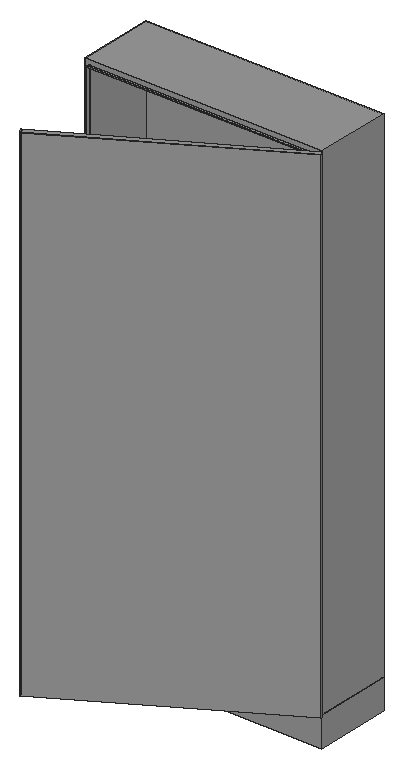
Revit family "Hager-Univers-IP55-D275-H1800-Cl.II-Steel_encl-NoHosted-CH-en", category Equipement électrique, Revit 2020
Family settings
  Configuration du panneau = Deux colonnes, circuits au sein
  Cote de connecteur circulaire = Utiliser le diamètre
  Type d'élément = Tableau de raccordement
  Basée sur le plan de construction = Oui
  Toujours verticalement = Oui
  Couper avec des vides une fois chargée = Non
  Partagée = Non
  Point de calcul de pièce = Non
Parameters (values of type "Floor installation IP55 W800 H1800 D275  - FR13S1")
  Width Control [instance] = if([EF000008 - Width] > Min Width, [EF000008 - Width], Min Width)  # 800 mm
  Commentaires du type = [HG000003 - Range]  # "Univers"
  Thickness Door [instance] = if([EF009171 - Material plate thickness door/cover] > 3 mm, 3 mm, [EF009171 - Material plate thickness door/cover])  # 1.5 mm
  Seal Frame Offset [instance] = 17 mm  # constant formula
  Plinth Visibility [instance] = [HG000027 - Plinth height] > 0 mm  # yes
  Min Width [instance] = 100 mm  # constant formula
  Min Depth [instance] = (2 * [EF009170 - Material plate thickness cabinet]) + 1 mm  # 4 mm
  Min Height [instance] = 100 mm  # constant formula
  Internal Frame Depth [instance] = (Door System Depth * 0.5)  # 9 mm
  Panel Name [instance] = ""  # (empty or 0)
  Model = ""
  HG000027 - Plinth height = 100 mm
  HG000026 - Floor standing = yes
  HG000024 - Bottom section height = 600 mm
  HG000023 - Double section enclosure = no
  HG000016 - Door 3d visibility [instance] = yes
  HG000015 - Clearance visibility [instance] = no
  HG000014 - Door on the right [instance] = yes
  HG000013 - Door on the left [instance] = not([HG000014 - Door on the right])  # no
  HG000012 - Door swing angle [instance] = 30.00°
  HG000010 - Asymmetric doors = no
  HG000009 - Double swing door = no
  HG000006 - Flush mounted = no
  HG000004 - Manufacturer reference = "FR13S1"
  HG000003 - Range = "Univers"
  HG000002 - With door or cover = yes
  Frame Offset Bottom [instance] = 10 mm  # constant formula
  Frame Offset [instance] = 15 mm  # constant formula
  EF015940 - Cover with overpressure release = no
  EF011959 - Degree of protection (NEMA) = ""
  EF009554 - Number of openings for flange plates = 6
  EF009212 - Cover model = "EV000116 - Closed"
  EF009171 - Material plate thickness door/cover = 1.5 mm
  EF009170 - Material plate thickness cabinet = 1.5 mm
  EF008873 - Nominal current (In) = 800 A
  EF007800 - Suitable for lightning protection = no
  EF006306 - With lock = no
  EF006244 - Transparent cover/door = no
  EF005474 - Degree of protection (IP) = "EV006420 - IP55"
  EF004464 - Type of door = "EV002646 - Single"
  EF004427 - Number of modules = 396
  EF004293 - Impact strength = "EV008784 - IK10"
  EF003532 - Suitable for outdoor use = no
  EF002950 - Width in number of modular spacings = 24
  EF001613 - Circuit integrity = "EV000494 - None"
  EF001596 - Material housing = "EV000179 - Steel"
  EF001131 - Internal depth = 275 mm
  EF001088 - Extension possible = yes
  EF000437 - Number of conduit inlets = 6
  EF000339 - Type of cover = "EV004216 - Door"
  EF000266 - Number of rows = 11
  EF000218 - Built-in depth = 0 mm
  EF000118 - With mounting plate = no
  EF000116 - RAL-number = "7035"
  EF000049 - Depth = 275 mm
  EF000040 - Height = 1800 mm
  EF000008 - Width = 800 mm
  EF000007 - Colour = "EV000270 - Grey"
  EF000003 - Mounting method = "EV012274 - Floor installation"
  Door System Leaf Tolerance [instance] = 1.5 mm  # constant formula
  Door System Depth [instance] = 18 mm  # constant formula
  Door Height [instance] = Height Control - [HG000027 - Plinth height]  # 1700 mm
  Description = ""
  Default Elevation = 1219.2 mm
  Connector Offset [instance] = Height Control / 2  # 900 mm
  Fabricant = "Hager"  # constant formula
  Height Control [instance] = if([EF000040 - Height] > Min Height, [EF000040 - Height], Min Height)  # 1800 mm
  Depth Control [instance] = if([EF000049 - Depth] > Min Depth, [EF000049 - Depth], Min Depth)  # 275 mm
  Bottom Top Plate Trim [instance] = 1.5 mm  # constant formula
  Plinth height Ctrl [instance] = if([HG000027 - Plinth height] > 0 mm, [HG000027 - Plinth height], 12 mm)  # 100 mm
Types (5, lengths in mm): name | Width Control | HG000010 - Asymmetric doors | HG000009 - Double swing door | HG000004 - Manufacturer reference | EF009554 - Number of openings for flange plates | EF004464 - Type of door | EF004427 - Number of modules | EF000437 - Number of conduit inlets | EF000008 - Width
  Floor installation IP55 W1050 H1800 D275  - FR14S1 | 1050 | yes | yes | "FR14S1" | 8 | "EV003602 - Double" | 528 | 8 | 1050
  Floor installation IP55 W1300 H1800 D275  - FR15S1 | 1300 | yes | yes | "FR15S1" | 10 | "EV003602 - Double" | 660 | 10 | 1300
  Floor installation IP55 W300 H1800 D275  - FR11S1 | 300 | no | no | "FR11S1" | 2 | "EV002646 - Single" | 132 | 2 | 300
  Floor installation IP55 W550 H1800 D275  - FR12S1 | 550 | no | no | "FR12S1" | 4 | "EV002646 - Single" | 264 | 4 | 550
  Floor installation IP55 W800 H1800 D275  - FR13S1 | 800 | no | no | "FR13S1" | 6 | "EV002646 - Single" | 396 | 6 | 800
Reference planes
  plane 1 "Center (Front/Back)": y = 0
  plane 2: z = 0
  plane 3 "Center (Left/Right)": x = 0
  plane 4: y = 0
  plane 5: y = 0
  plane 6: z = 0
  plane 7: x = -400
  plane 8: x = 400
  plane 9: x = 398.5
  plane 10: x = -398.5
  plane 11: z = 100
  plane 12: z = 101.5
  plane 13: y = -275
  plane 14: y = -1.5
  plane 15: x = 0
  plane 16: y = -257
  plane 17: y = -273.5
  plane 18: y = -255.5
  plane 19: x = -383.5
  plane 20: x = 383.5
  plane 21: z = 111.5
  plane 22: x = -383
  plane 23: x = 383
  plane 24: z = 100
  plane 25: z = 1800
  plane 26: z = 1800
  plane 27: z = 1783.5
  plane 28: z = 1798.5
Forms (mm)
  Extrusion 1, solid, material "Hager_Steel_RAL7035_Light_Grey", detail levels medium+fine
    sketch origin (-208.679, -4572, 100) x (-1, 0, 0) y (0, -1, 0)
      loop
        line (191.321, -4315) -> (-608.679, -4315) -> (-608.679, -4572) -> (191.321, -4572) -> (191.321, -4315)
    from 0 to 1700
  Extrusion 2, void
    sketch origin (-350.771, -275, 1219.2) x (1, 0, 0) y (0, 0, 1)
      loop
        line (-47.729, 579.3) -> (-47.729, -1117.7) -> (749.271, -1117.7) -> (749.271, 579.3) -> (-47.729, 579.3)
    from -19.5 to -273.5
  Extrusion 3, void
    sketch origin (-290.084, -257, 1219.2) x (1, 0, 0) y (0, 0, 1)
      loop
        line (-93.416, -1107.7) -> (673.584, -1107.7) -> (673.584, 564.3) -> (-93.416, 564.3) -> (-93.416, -1107.7)
    from 0 to -1.5
  Extrusion 4, solid, material "Hager_Steel_RAL7035_Light_Grey", visible <- "Plinth Visibility", detail levels medium+fine
    sketch origin (0, 0, 0) x (1, 0, 0) y (0, 1, 0)
      loop
        line (-400, 0) -> (-400, -257) -> (400, -257) -> (400, 0) -> (-400, 0)
    from 0 to 100 <- "Plinth height Ctrl"
  Extrusion 5, solid, material "Hager_Steel_RAL7035_Light_Grey", detail levels coarse
    sketch origin (0, 0, 0) x (1, 0, 0) y (0, 1, 0)
      loop
        line (-400, 0) -> (-400, -275) -> (400, -275) -> (400, 0) -> (-400, 0)
    from 0 to 1800 <- "Height Control"
  Sweep 6, void
    path in 3D
      loop
        line (-400, -257, 100) -> (400, -257, 100) -> (400, 0, 100) -> (-400, 0, 100) -> (-400, -257, 100)
    profile origin (-400, -128.5, 100) x (1, 0, 0) y (0, 0, 1)
      loop
        line (0, 0) -> (0, -1.5) -> (1.5, -1.5)
        arc (1.5, -1.5) -> (1.061, -0.439) -> (0, 0) r 1.5
  Extrusion 7, solid, material "Hager_Steel_RAL7035_Light_Grey", detail levels fine
    sketch origin (-400, -257, 100) x (1, 0, 0) y (0, 0, 1)
      loop
        line (16.5, 11.5) -> (783.5, 11.5) -> (783.5, 1683.5) -> (16.5, 1683.5) -> (16.5, 11.5)
      loop
        line (15, 10) -> (785, 10) -> (785, 1685) -> (15, 1685) -> (15, 10)
    from 0 to 9 <- "Internal Frame Depth"
Cuts and joins
  Extrusion 2, Extrusion 3 cuts Extrusion 1
  Sweep 6 cuts Extrusion 4
Lines and regions (mm)
  Masking region 1
    outline origin (0, 0, 0) x (1, 0, 0) y (0, 1, 0)
      loop
        line (-400, 0) -> (-400, -275) -> (400, -275) -> (400, 0) -> (-400, 0)
  Masking region 2, detail levels coarse
    outline origin (-290.084, -257, 1219.2) x (-1, 0, 0) y (0, 0, 1)
      loop
        line (-690.084, -1219.2) -> (109.916, -1219.2) -> (109.916, 580.8) -> (-690.084, 580.8) -> (-690.084, -1219.2)
  Masking region 3, detail levels coarse
    outline origin (0, 0, 0) x (0, 1, 0) y (0, 0, 1)
      loop
        line (0, 0) -> (0, 1800) -> (-275, 1800) -> (-275, 0) -> (0, 0)
  Masking region 4, visible <- "Plinth Visibility", detail levels medium+fine
    outline origin (0, 0, 0) x (0, 1, 0) y (0, 0, 1)
      loop
        line (-1.5, 100) -> (-255.5, 100)
        arc (-255.5, 100) -> (-255.939, 98.939) -> (-257, 98.5) r 1.5
        line (-257, 98.5) -> (-257, 0) -> (0, 0) -> (0, 98.5)
        arc (0, 98.5) -> (-1.061, 98.939) -> (-1.5, 100) r 1.5
  Masking region 5, detail levels medium+fine
    outline origin (0, 0, 594.038) x (0, 1, 0) y (0, 0, 1)
      loop
        line (0, -494.038) -> (0, 1205.962) -> (-257, 1205.962) -> (-257, -494.038) -> (0, -494.038)
  Masking region 6, detail levels medium+fine
    outline origin (-359.7, -257, 1211.883) x (-1, 0, 0) y (0, 0, 1)
      loop
        line (-759.7, -1111.883) -> (40.3, -1111.883) -> (40.3, 588.117) -> (-759.7, 588.117) -> (-759.7, -1111.883)
  Masking region 7, visible <- "Plinth Visibility", detail levels medium+fine
    outline origin (-320.334, -257, 1041.368) x (-1, 0, 0) y (0, 0, 1)
      loop
        line (-720.334, -1041.368) -> (79.666, -1041.368) -> (79.666, -942.868)
        arc (79.666, -942.868) -> (78.606, -942.429) -> (78.166, -941.368) r 1.5
        line (78.166, -941.368) -> (-718.834, -941.368)
        arc (-718.834, -941.368) -> (-719.273, -942.429) -> (-720.334, -942.868) r 1.5
        line (-720.334, -942.868) -> (-720.334, -1041.368)
  sketch lines
    curve 1: line (-400, 0, 100) -> (-400, -257, 100)
    curve 2: line (-400, -257, 100) -> (400, -257, 100)
    curve 3: line (400, 0, 100) -> (-400, 0, 100)
    curve 4: line (400, -257, 100) -> (400, 0, 100)
Dimensions and locks
  locked: plane 1 "Center (Front/Back)" to plane 5
  "EF009170 - Material plate thickness cabinet": plane 7 to plane 10
  "EF009170 - Material plate thickness cabinet": plane 8 to plane 9
  equal spacing: plane 7, plane 3 "Center (Left/Right)", plane 8
  "Width Control": plane 7 to plane 8
  "Depth Control": plane 4 to plane 13
  "EF009170 - Material plate thickness cabinet": plane 4 to plane 14
  "Height Control": plane 25 to level
  "HG000027 - Plinth height": plane 11 to level
  "EF009170 - Material plate thickness cabinet": plane 12 to plane 11
  "EF009170 - Material plate thickness cabinet": plane 17 to plane 13
  "EF009170 - Material plate thickness cabinet": plane 18 to plane 16
  "Frame Offset Bottom": plane 21 to plane 12
  "Frame Offset": plane 10 to plane 19
  "Frame Offset": plane 9 to plane 20
  "Door System Depth": plane 16 to plane 13
  "Seal Frame Offset": plane 7 to plane 22
  "Seal Frame Offset": plane 8 to plane 23
  "EF009170 - Material plate thickness cabinet": plane 26 to plane 28
  "Frame Offset": plane 28 to plane 27
  "Connector Offset": plane 2 to connector elem
  "Bottom Top Plate Trim": profile plane to Sweep 6 sketch curve
  "Bottom Top Plate Trim": Sweep 6 sketch curve to Sweep 6 sketch curve
  "Plinth height Ctrl": Masking region 4 sketch curve to level
  "Plinth height Ctrl": Masking region 7 sketch curve to level
  "Thickness Door": Extrusion 7 sketch curve to Extrusion 7 sketch curve  (x4)
  "Bottom Top Plate Trim": radius of Sweep 6 sketch curve
  "Bottom Top Plate Trim": radius of Masking region 4 sketch curve  (x2)
  "Bottom Top Plate Trim": radius of Masking region 7 sketch curve  (x2)
  aligned and locked: Extrusion 2 sketch curve to plane 12
  aligned and locked: Extrusion 2 sketch curve to plane 9
  aligned and locked: Extrusion 2 sketch curve to plane 10
  aligned and locked: Extrusion 2 to plane 14
  aligned and locked: Extrusion 1 sketch curve to plane 4
  aligned and locked: plane 8 to Extrusion 1 sketch curve
  aligned and locked: plane 7 to Extrusion 1 sketch curve
  aligned and locked: Extrusion 2 to plane 18
  aligned and locked: Extrusion 3 sketch curve to plane 19
  aligned and locked: plane 20 to Extrusion 3 sketch curve
  aligned and locked: Extrusion 3 to Extrusion 2
  aligned and locked: Extrusion 3 sketch curve to plane 21
  aligned and locked: plane 3 "Center (Left/Right)" to nested 1
  aligned and locked: Extrusion 1 sketch curve to plane 16
  aligned and locked: Extrusion 4 sketch curve to cut or joined group of Extrusion 1, Extrusion 2, Extrusion 3
  aligned and locked: Masking region 1 sketch curve to plane 7
  aligned and locked: Masking region 1 sketch curve to plane 5
  aligned and locked: Masking region 1 sketch curve to plane 8
  aligned and locked: Masking region 2 sketch curve to level
  aligned and locked: level to Masking region 3 sketch curve
  aligned and locked: plane 1 "Center (Front/Back)" to Masking region 3 sketch curve
  aligned and locked: plane 13 to Masking region 3 sketch curve
  aligned and locked: plane 5 to Masking region 4 sketch curve
  aligned and locked: Masking region 2 sketch curve to plane 8
  aligned and locked: Masking region 2 sketch curve to plane 7
  aligned and locked: plane 7 to nested 2
  aligned and locked: nested 2 to plane 5
  aligned and locked: plane 5 to Masking region 5 sketch curve
  aligned and locked: plane 26 to Masking region 5 sketch curve
  aligned and locked: Extrusion 5 sketch curve to plane 8
  aligned and locked: Extrusion 5 sketch curve to plane 7
  aligned and locked: Extrusion 5 sketch curve to plane 5
  aligned and locked: Extrusion 3 sketch curve to plane 27
  aligned and locked: Extrusion 2 sketch curve to plane 28
  aligned and locked: Masking region 2 to plane 25
  aligned and locked: Extrusion 4 to plane 16
  aligned and locked: profile plane to Sweep 6 sketch curve
  aligned and locked: Masking region 5 sketch curve to plane 24
  aligned and locked: level to Masking region 4 sketch curve
  aligned and locked: Masking region 1 to plane 13
  aligned and locked: nested 1 to plane 16
  aligned and locked: Masking region 3 to plane 25
  aligned and locked: plane 16 to Masking region 4 sketch curve
  aligned and locked: Masking region 5 sketch curve to plane 16
  aligned and locked: plane 24 to plane 11
  aligned and locked: plane 26 to plane 25
  aligned and locked: plane 26 to cut or joined group of Extrusion 1, Extrusion 2, Extrusion 3
  aligned and locked: nested 1 to plane 24
  aligned and locked: Extrusion 1 to Extrusion 3
  aligned and locked: Masking region 6 sketch curve to plane 8
  aligned and locked: Masking region 6 sketch curve to plane 24
  aligned and locked: Masking region 6 sketch curve to plane 7
  aligned and locked: Masking region 6 sketch curve to plane 26
  aligned and locked: Masking region 7 sketch curve to plane 7
  aligned and locked: level to Masking region 7 sketch curve
  aligned and locked: Masking region 7 sketch curve to plane 8
  aligned and locked: Extrusion 7 sketch curve to cut or joined group of Extrusion 1, Extrusion 2, Extrusion 3  (x4)
Automatic sketch dimensions
  plane 19 to Extrusion 3 sketch curve = 0 mm
  Extrusion 3 sketch curve to plane 20 = 0 mm
  Extrusion 3 sketch curve to plane 21 = 0 mm
  Extrusion 4 sketch curve to plane 7 = 0 mm
  Extrusion 4 sketch curve to plane 8 = 0 mm
  Extrusion 4 sketch curve to plane 16 = 0 mm
  Masking region 1 sketch curve to plane 13 = 0 mm
  Masking region 2 sketch curve to plane 25 = 0 mm
  Masking region 3 sketch curve to plane 25 = 0 mm
  Extrusion 5 sketch curve to plane 13 = 0 mm
  profile plane to Sweep 6 sketch curve = 0 mm
Nested families
  nested 1: "EC000058_Univers_Door" at (0, -257, 100), Double <- "HG000009 - Double swing door", Transparent <- "EF006244 - Transparent cover/door", Angle <- "HG000012 - Door swing angle", Door_Right <- "HG000014 - Door on the right", Assymetrical <- "HG000010 - Asymmetric doors", Door <- "HG000002 - With door or cover", Width_Ctrl <- "Width Control", 3d_Door <- "HG000016 - Door 3d visibility", Clearance <- "HG000015 - Clearance visibility", Door_Left <- "HG000013 - Door on the left", Width <- "Width Control", Door_Depth <- "Door System Depth", Leaf_Tolerance <- "Door System Leaf Tolerance", Height <- "Door Height", Lock_Visibility <- "EF006306 - With lock", Thickness <- "Thickness Door", type "EC000058_Univers_Door", detail levels medium+fine
    with min_wh 4 mm, Width_Ctrl 800 mm, Width 800 mm, Transparent no, Thickness 1.5 mm, Seal_Material Hager_Rubber, Lock_Visibility no, Lock_Material Hager_Plastic_RAL9005_Jet_Black, Leaf_Width 800 mm, Leaf_Tolerance_External_Sides 0 mm, Leaf_Tolerance 1.5 mm, Leaf_Offset 0 mm, Leaf_Height 1697 mm, Leaf_2_Width 800 mm, Leaf_2_Offset 400 mm, Leaf_1_Width 800 mm, Leaf_1_Offset 400 mm, Height_Ctrl 1700 mm, Height 1700 mm, Glass_Material Hager_Glass, Double_Clearance_Ctrl no, Double no, Door_Right_Ctrl yes, Door_Right yes, Door_Material Hager_Steel_RAL7035_Light_Grey, Door_Left_Ctrl no, Door_Left no, Door_Depth 18 mm, Door yes, Clearance_Material Hager_Clearance, Clearance_Depth 800 mm, Clearance_Ctrl no, Clearance no, Assymetrical no, Angle 30.00°, 3d_Door yes
  nested 2: "Hager_Enclosure_Symbol" at (-400, 0, 0), Height <- "Depth Control", Width <- "Width Control", type "Hager_Enclosure_Symbol"
    with Width_Ctrl 800 mm, Width 800 mm, Height_Ctrl 275 mm, Height 275 mm, A_Width_Int 18.047 mm, A_Width 216.562 mm, A_Height_Ctrl 240.625 mm, A_Height 240.625 mm
Connectors
  electrical at (0, 0, 900)
    settings: on plane 1 "Center (Front/Back)", index 1, voltage 0 V, apparent load 0 VA, apparent load phase1 0 VA, apparent load phase2 0 VA, apparent load phase3 0 VA, power factor 1, load classification "Other", number of poles 1, system type 30, power factor state 1, is connector primary yes, connector utility no, sub classification motor no, connector description ""
Definition of nested family "EC000058_Univers_Door"
  Parameters (values of type "EC000058_Univers_Door")
    min_wh [instance] = (2 * Thickness) + 1 mm  # 11 mm
    Width_Ctrl [instance] = 400 mm
    Width [instance] = 500 mm
    Transparent [instance] = yes
    Thickness [instance] = 5 mm
    Seal_Material [instance] = none
    Lock_Visibility [instance] = yes
    Lock_Material [instance] = none
    Leaf_Width [instance] = if((Width_Ctrl - 2 * Leaf_Tolerance_External_Sides) > 0 mm, (Width_Ctrl - 2 * Leaf_Tolerance_External_Sides), min_wh)  # 400 mm
    Leaf_Tolerance_External_Sides [instance] = 0 mm  # constant formula
    Leaf_Tolerance [instance] = 1.5 mm
    Leaf_Offset [instance] = 0 mm  # constant formula
    Leaf_Height [instance] = if((Height_Ctrl - 2 * Leaf_Tolerance) > 0 mm, (Height_Ctrl - 2 * Leaf_Tolerance), min_wh)  # 497 mm
    Leaf_2_Width [instance] = if(and(and(Double, Assymetrical), Door_Left), (Leaf_Width / 3) - (Leaf_Tolerance / 2), if(and(and(Double, Assymetrical), Door_Right), (Leaf_Width / 3) * 2 - (Leaf_Tolerance / 2), if(and(Double, not(Assymetrical)), (Leaf_Width / 2) - Leaf_Tolerance, Leaf_Width)))  # 400 mm
    Leaf_2_Offset [instance] = if(and(Double, Assymetrical), Leaf_2_Width / 2, if(and(Double, not(Assymetrical)), Leaf_Width / 4, Leaf_Width / 2))  # 200 mm
    Leaf_1_Width [instance] = if(and(and(Double, Assymetrical), Door_Right), (Leaf_Width / 3) - (Leaf_Tolerance / 2), if(and(and(Double, Assymetrical), Door_Left), (Width / 3) * 2 - (Leaf_Tolerance / 2), if(and(Double, not(Assymetrical)), (Leaf_Width / 2) - Leaf_Tolerance, Leaf_Width)))  # 400 mm
    Leaf_1_Offset [instance] = if(and(Double, Assymetrical), Leaf_1_Width / 2, if(and(Double, not(Assymetrical)), Leaf_Width / 4, Leaf_Width / 2))  # 200 mm
    Height_Ctrl [instance] = if(Height > min_wh, Height, min_wh)  # 500 mm
    Height [instance] = 500 mm
    Glass_Material [instance] = none
    Double_Clearance_Ctrl [instance] = and(Double, Clearance)  # no
    Double [instance] = no
    Door_Right_Ctrl [instance] = and(or(Door_Right, Double), Door)  # yes
    Door_Right [instance] = yes
    Door_Material [instance] = none
    Door_Left_Ctrl [instance] = and(or(Door_Left, Double), Door)  # no
    Door_Left [instance] = no
    Door_Depth [instance] = 30 mm
    Door [instance] = yes
    Default Elevation = 1219.2 mm
    Clearance_Material [instance] = none
    Clearance_Depth [instance] = if(Leaf_1_Width > Leaf_2_Width, Leaf_1_Width, Leaf_2_Width)  # 400 mm
    Clearance_Ctrl [instance] = and(not(Double), Clearance)  # yes
    Clearance [instance] = yes
    Assymetrical [instance] = yes
    Angle [instance] = 30.00°
    3d_Door [instance] = yes
  Reference planes
    plane 1 "Center (Front/Back)": y = 0
    plane 2 "Bottom": z = 0
    plane 3 "Center (Left/Right)": x = 0
    plane 4: z = 500
    plane 5: x = -200
    plane 6: x = 200
    plane 7: z = 500
    plane 8: x = -200
    plane 9: z = 0
    plane 10: x = 200
    plane 11: y = 0
    plane 12: z = 1.5
    plane 13: x = -600
    plane 14: y = -400
    plane 15: x = 600
    plane 16: x = 0
    plane 17: x = 0
    plane 18: x = -200
    plane 19: x = 200
    plane 20: z = 498.5
  Forms (mm)
    Extrusion 1, solid, material <- "Clearance_Material", visible <- "Double_Clearance_Ctrl"
      sketch origin (1200, 0, 0) x (1, 0, 0) y (0, 0, -1)
        loop
          line (-1800, -498.5) -> (-600, -498.5) -> (-600, 0) -> (-1800, 0) -> (-1800, -498.5)
      from 0 to -400
  Dimensions and locks
    equal spacing: plane 5, plane 3 "Center (Left/Right)", plane 6
    "Width_Ctrl": plane 5 to plane 6
    "Leaf_Offset": plane 5 to plane 8
    "Leaf_Offset": plane 6 to plane 10
    "Leaf_Offset": plane 9 to level
    "Leaf_Offset": plane 4 to plane 7
    "Height_Ctrl": plane 4 to level
    "Leaf_Tolerance": plane 12 to plane 9
    locked: plane 11 to plane 1 "Center (Front/Back)"
    "Leaf_1_Offset": plane 18 to plane 16
    "Leaf_2_Offset": plane 17 to plane 19
    "Leaf_1_Width": plane 13 to plane 8
    "Leaf_2_Width": plane 10 to plane 15
    "Clearance_Depth": plane 14 to plane 1 "Center (Front/Back)"
    "Leaf_Tolerance_External_Sides": plane 8 to plane 18
    "Leaf_Tolerance_External_Sides": plane 19 to plane 10
    "Leaf_Tolerance": plane 7 to plane 20
    aligned and locked: level to plane 2 "Bottom"
    aligned and locked: nested 1 to plane 16
    aligned and locked: nested 2 to plane 17
    aligned and locked: Extrusion 1 to plane 13
    aligned and locked: plane 15 to Extrusion 1
    aligned and locked: Extrusion 1 to plane 14
    aligned and locked: plane 12 to nested 1
    aligned and locked: nested 2 to plane 12
    aligned and locked: Extrusion 1 to plane 11
    aligned and locked: plane 20 to Extrusion 1
    aligned and locked: nested 2 to plane 11
    aligned and locked: nested 1 to plane 11
  Automatic sketch dimensions
    Extrusion 1 sketch curve to level = 0 mm
    plane 5 to Extrusion 1 sketch curve = 400 mm
    plane 6 to Extrusion 1 sketch curve = 400 mm
    Extrusion 1 sketch curve to plane 4 = 1.5 mm
  Nested families
    nested 1: "EC000058_Univers_Door_Leaf" at (0, 0, 1.5), Width <- "Leaf_1_Width", visible <- "Door_Left_Ctrl", Leaf_Height <- "Leaf_Height", Angle <- "Angle", 3d_Door <- "3d_Door", Transparent <- "Transparent", Clearance Material <- "Clearance_Material", Clearance <- "Clearance_Ctrl", Door_Material <- "Door_Material", Glass_Material <- "Glass_Material", Door_Depth <- "Door_Depth", Lock_Material <- "Lock_Material", Seal_Material <- "Seal_Material", Lock_Visibility <- "Lock_Visibility", Thickness <- "Thickness", type "EC000058_Univers_Door_Leaf"
      with Width 400 mm, Transparent_Glass_Offset 30 mm, Transparent_Ctrl yes, Transparent yes, Thickness 5 mm, Standard no, Seal_Material none, Seal_D2 8 mm, Seal_D1 1 mm, Offset_Internal_Frame 10 mm, Lock_Width 20 mm, Lock_Visibility_3d yes, Lock_Visibility yes, Lock_Thickness_3 3 mm, Lock_Thickness_2 1 mm, Lock_Thickness_1 3 mm, Lock_Radius_Offset_2 16 mm, Lock_Radius_Offset_1 15 mm, Lock_Radius_2 5 mm, Lock_Radius 6 mm, Lock_Offset 5 mm, Lock_Material none, Lock_Height 80 mm, Lock_Cover_Top_Offset_2d 17 mm, Lock_Cover_Height -65 mm, Leaf_Height 497 mm, Internal_Seal_Thickness 8 mm, Internal_Seal_Depth_2 4.5 mm, Internal_Frame_Depth 25 mm, Glass_Thickness -1 mm, Glass_Offset -2 mm, Glass_Material none, Door_Material none, Door_Depth 30 mm, Clearance Material none, Clearance yes, Angle_Ctrl 30.00°, Angle 30.00°, 3d_Door yes
    nested 2: "EC000058_Univers_Door_Leaf" at (0, 0, 1.5) x (-1, 0, 0) z (0, 0, 1), Width <- "Leaf_2_Width", visible <- "Door_Right_Ctrl", Leaf_Height <- "Leaf_Height", Angle <- "Angle", 3d_Door <- "3d_Door", Transparent <- "Transparent", Clearance Material <- "Clearance_Material", Clearance <- "Clearance_Ctrl", Door_Material <- "Door_Material", Glass_Material <- "Glass_Material", Door_Depth <- "Door_Depth", Lock_Material <- "Lock_Material", Seal_Material <- "Seal_Material", Lock_Visibility <- "Lock_Visibility", Thickness <- "Thickness", type "EC000058_Univers_Door_Leaf"
      with Width 400 mm, Transparent_Glass_Offset 30 mm, Transparent_Ctrl yes, Transparent yes, Thickness 5 mm, Standard no, Seal_Material none, Seal_D2 8 mm, Seal_D1 1 mm, Offset_Internal_Frame 10 mm, Lock_Width 20 mm, Lock_Visibility_3d yes, Lock_Visibility yes, Lock_Thickness_3 3 mm, Lock_Thickness_2 1 mm, Lock_Thickness_1 3 mm, Lock_Radius_Offset_2 16 mm, Lock_Radius_Offset_1 15 mm, Lock_Radius_2 5 mm, Lock_Radius 6 mm, Lock_Offset 5 mm, Lock_Material none, Lock_Height 80 mm, Lock_Cover_Top_Offset_2d 17 mm, Lock_Cover_Height -65 mm, Leaf_Height 497 mm, Internal_Seal_Thickness 8 mm, Internal_Seal_Depth_2 4.5 mm, Internal_Frame_Depth 25 mm, Glass_Thickness -1 mm, Glass_Offset -2 mm, Glass_Material none, Door_Material none, Door_Depth 30 mm, Clearance Material none, Clearance yes, Angle_Ctrl 30.00°, Angle 30.00°, 3d_Door yes
  Definition of nested family "EC000058_Univers_Door_Leaf"
    Parameters (values of type "EC000058_Univers_Door_Leaf")
      Width [instance] = 2000 mm
      Transparent_Glass_Offset [instance] = 30 mm
      Transparent_Ctrl [instance] = and(Transparent, [3d_Door])  # yes
      Transparent [instance] = yes
      Thickness [instance] = 5 mm
      Standard [instance] = and(not(Transparent), [3d_Door])  # no
      Seal_Material [instance] = none
      Seal_D2 [instance] = 8 mm  # constant formula
      Seal_D1 [instance] = 1 mm  # constant formula
      Offset_Internal_Frame [instance] = 10 mm  # constant formula
      Lock_Width [instance] = 20 mm  # constant formula
      Lock_Visibility_3d [instance] = and(Lock_Visibility, [3d_Door])  # yes
      Lock_Visibility [instance] = yes
      Lock_Thickness_3 [instance] = 3 mm  # constant formula
      Lock_Thickness_2 [instance] = 1 mm  # constant formula
      Lock_Thickness_1 [instance] = 3 mm  # constant formula
      Lock_Radius_Offset_2 [instance] = Lock_Radius_Offset_1 + 1 mm  # 16 mm
      Lock_Radius_Offset_1 [instance] = 15 mm  # constant formula
      Lock_Radius_2 [instance] = Lock_Radius - 1 mm  # 5 mm
      Lock_Radius [instance] = 6 mm  # constant formula
      Lock_Offset [instance] = 5 mm  # constant formula
      Lock_Material [instance] = none
      Lock_Height [instance] = 80 mm  # constant formula
      Lock_Cover_Top_Offset_2d [instance] = Lock_Radius_Offset_2 + 1 mm  # 17 mm
      Lock_Cover_Height [instance] = -(Lock_Height - Lock_Radius_Offset_1)  # -65 mm
      Leaf_Height [instance] = 2720.336 mm
      Internal_Seal_Thickness [instance] = 8 mm  # constant formula
      Internal_Seal_Depth_2 [instance] = 4.5 mm  # constant formula
      Internal_Frame_Depth [instance] = if(Door_Depth - Thickness > 5 mm, Door_Depth - Thickness, 5 mm)  # 25 mm
      Glass_Thickness [instance] = if(Thickness > 15 mm, Glass_Offset + 10 mm, -1 mm)  # -1 mm
      Glass_Offset [instance] = if(Thickness > 15 mm, -(Thickness + 10 mm) / 2, -2 mm)  # -2 mm
      Glass_Material [instance] = none
      Door_Material [instance] = none
      Door_Depth [instance] = 30 mm
      Default Elevation = 0 mm
      Clearance Material [instance] = none
      Clearance [instance] = yes
      Angle_Ctrl [instance] = if(Angle > 180.00°, 180.00°, Angle)  # 90.00°
      Angle [instance] = 90.00°
      3d_Door [instance] = yes
    Reference planes
      plane 1 "Center (Front/Back)": y = 0
      plane 2: z = 0
      plane 3 "Center (Left/Right)": x = 0
      plane 4: y = 2000
      plane 5: x = -1000
      plane 6: x = 1000
      plane 7: x = -3000
      plane 8: z = 2720.336
      plane 9: z = 30
      plane 10: z = 2690.336
      plane 11: x = 970
      plane 12: x = -970
      plane 13: y = -3
      plane 14: z = 107.833
      plane 15: y = -5
      plane 16: y = -223.314
      plane 17: x = -1000
      plane 18: z = 1360.168
      plane 19: y = 30
    Forms (mm)
      Extrusion 1, solid, material <- "Clearance Material", visible <- "Clearance"
        sketch origin (0, 0, 0) x (1, 0, 0) y (0, 0, 1)
          loop
            line (-3000, 2720.336) -> (-3000, 0) -> (1000, 0) -> (1000, 2720.336) -> (-3000, 2720.336)
        from 0 to -2000
      Extrusion 2, solid, material <- "Door_Material", visible <- "Standard", detail levels medium+fine
        sketch origin (-1000, 0, 0) x (0, 1, 0) y (-1, 0, 0)
          loop
            line (0, 30) -> (0, 25) -> (2000, 25) -> (2000, 30) -> (0, 30)
        from 0 to 2720.336 <- "Leaf_Height"
      Extrusion 3, solid, material <- "Door_Material", visible <- "Transparent_Ctrl", detail levels medium+fine
        sketch origin (-1000, 0, 0) x (0, 1, 0) y (-1, 0, 0)
          loop
            line (0, 25) -> (2000, 25) -> (2000, 30) -> (0, 30) -> (0, 25)
        from 0 to 2720.336 <- "Leaf_Height"
      Extrusion 4, void
        sketch origin (-1025, 2000, 0) x (0, 1, 0) y (0, 0, -1)
          loop
            line (-30, -2690.336) -> (-30, -30) -> (-1970, -30) -> (-1970, -2690.336) -> (-30, -2690.336)
        from 0 to 5 <- "Thickness"
      Sweep 5, solid, material <- "Seal_Material", visible <- "Transparent_Ctrl", detail levels fine
        path in 3D
          loop
            line (-1025, 30, 30) -> (-1025, 30, 2690.336) -> (-1025, 1970, 2690.336) -> (-1025, 1970, 30) -> (-1025, 30, 30)
        profile origin (-1025, 1000, 30) x (1, 0, 0) y (0, 0, 1)
          loop
            line (0, 0) -> (0, -8) -> (1, -8) -> (1, 0) -> (0, 0)
      Extrusion 6, solid, material <- "Glass_Material", visible <- "Transparent_Ctrl", detail levels medium+fine
        sketch origin (-1030, 0, 0) x (0, 1, 0) y (0, 0, -1)
          loop
            line (1970, -2690.336) -> (1970, -30) -> (30, -30) -> (30, -2690.336) -> (1970, -2690.336)
        from -2 <- "Glass_Offset" to -1 <- "Glass_Thickness"
      Extrusion 7, solid, material <- "Door_Material", visible <- "3d_Door", detail levels medium+fine
        sketch origin (-1025, 2000, 0) x (0, -1, 0) y (0, 0, -1)
          loop
            line (0, -2720.336) -> (2000, -2720.336) -> (2000, 0) -> (0, 0) -> (0, -2720.336)
          loop
            line (1995, -5) -> (5, -5) -> (5, -2715.336) -> (1995, -2715.336) -> (1995, -5)
        from 0 to 25 <- "Internal_Frame_Depth"
      Sweep 8, solid, material <- "Seal_Material", visible <- "Transparent_Ctrl", detail levels fine
        path in 3D
          loop
            line (-1025, 0, 0) -> (-1025, 2000, 0) -> (-1025, 2000, 2720.336) -> (-1025, 0, 2720.336) -> (-1025, 0, 0)
        profile origin (-1025, 0, 1360.168) x (1, 0, 0) y (0, 1, 0)
          loop
            line (0, 10) -> (2.975, 10)
            arc (2.975, 10) -> (4.053, 10.447) -> (4.5, 11.525) r 1.525
            line (4.5, 11.525) -> (4.5, 16.527)
            arc (4.5, 16.527) -> (4.069, 17.569) -> (3.027, 18) r 1.473
            line (3.027, 18) -> (0, 18) -> (0, 10)
      Extrusion 9, solid, material <- "Lock_Material", visible <- "Lock_Visibility_3d", detail levels fine
        sketch origin (-1030, 0, 0) x (0, 1, 0) y (0, 0, -1)
          loop
            arc (1993.5, -1400.168) -> (1994.561, -1399.729) -> (1995, -1398.668) r 1.5
            line (1995, -1398.668) -> (1995, -1320.168) -> (1975, -1320.168) -> (1975, -1398.668)
            arc (1975, -1398.668) -> (1975.439, -1399.729) -> (1976.5, -1400.168) r 1.5
            line (1976.5, -1400.168) -> (1993.5, -1400.168)
        from 3 <- "Lock_Thickness_1" to 0
      Blend 10, solid, material <- "Lock_Material", visible <- "Lock_Visibility_3d", detail levels fine
        base sketch origin (-1033, 0, 0) x (0, 1, 0) y (0, 0, -1)
          loop
            line (1975, -1320.168) -> (1975, -1398.668)
            arc (1975, -1398.668) -> (1975.439, -1399.729) -> (1976.5, -1400.168) r 1.5
            line (1976.5, -1400.168) -> (1993.5, -1400.168)
            arc (1993.5, -1400.168) -> (1994.561, -1399.729) -> (1995, -1398.668) r 1.5
            line (1995, -1398.668) -> (1995, -1320.168) -> (1975, -1320.168)
        top sketch origin (-1033, 0, 0) x (0, 1, 0) y (0, 0, -1)
          loop
            line (1976, -1320.168) -> (1976, -1398.668)
            arc (1976, -1398.668) -> (1976.146, -1399.022) -> (1976.5, -1399.168) r 0.5
            line (1976.5, -1399.168) -> (1993.5, -1399.168)
            arc (1993.5, -1399.168) -> (1993.854, -1399.022) -> (1994, -1398.668) r 0.5
            line (1994, -1398.668) -> (1994, -1320.168) -> (1976, -1320.168)
        from 0 to 1 <- "Lock_Thickness_2"
      Blend 11, solid, material <- "Lock_Material", visible <- "Lock_Visibility_3d", detail levels fine
        base sketch origin (-1034, 0, 0) x (0, 1, 0) y (0, 0, -1)
          loop
            line (1978, -1320.168) -> (1978, -1384.168)
            arc (1978, -1384.168) -> (1985, -1391.168) -> (1992, -1384.168) r 7
            line (1992, -1384.168) -> (1992, -1320.168) -> (1978, -1320.168)
        top sketch origin (-1034, 0, 0) x (0, 1, 0) y (0, 0, -1)
          loop
            line (1991, -1320.168) -> (1979, -1320.168) -> (1979, -1383.168)
            arc (1979, -1383.168) -> (1985, -1389.168) -> (1991, -1383.168) r 6
            line (1991, -1383.168) -> (1991, -1320.168)
        from 0 to 3 <- "Lock_Thickness_3"
      Extrusion 12, solid, material <- "Lock_Material", visible <- "Lock_Visibility_3d", detail levels fine
        sketch origin (-1030, 1975, 1320.168) x (1, 0, 0) y (0, -1, 0)
          loop
            line (-7, -19) -> (-7, -1) -> (0, -1) -> (0, 0) -> (-8, 0) -> (-8, -20) -> (0, -20) -> (0, -19) -> (-7, -19)
        from 0 to -65 <- "Lock_Cover_Height"
      Extrusion 13, void
        sketch origin (-1038, 1995, 1320.168) x (-1, 0, 0) y (0, 0, -1)
          loop
            line (-5, -65) -> (0, -65) -> (-5, -60) -> (-5, -65)
        from 0 to 20 <- "Lock_Width"
      Extrusion 14, void
        sketch origin (-1038, 1975, 1320.168) x (0, -1, 0) y (0, 0, -1)
          loop
            circle (-10, -15.995) r 6
          loop
            circle (-10, -15.995) r 5
        from 0 to 2
      Extrusion 15, solid, material <- "Lock_Material", visible <- "Lock_Visibility_3d", detail levels medium
        sketch origin (-1030, 0, 0) x (0, 1, 0) y (0, 0, -1)
          loop
            arc (1993.5, -1400.168) -> (1994.561, -1399.729) -> (1995, -1398.668) r 1.5
            line (1995, -1398.668) -> (1995, -1320.168) -> (1975, -1320.168) -> (1975, -1398.668)
            arc (1975, -1398.668) -> (1975.439, -1399.729) -> (1976.5, -1400.168) r 1.5
            line (1976.5, -1400.168) -> (1993.5, -1400.168)
        from 8 to 0
    Cuts and joins
      Extrusion 4 cuts Extrusion 3
      Extrusion 13, Extrusion 14 cuts Extrusion 9
      Extrusion 14 cuts Blend 11
      Extrusion 13, Extrusion 14 cuts Extrusion 12
      joined: Extrusion 9, Blend 10, Blend 11, Extrusion 12
      Extrusion 14 cuts Extrusion 15
    Lines and regions (mm)
      Masking region 1, visible <- "Lock_Visibility", detail levels fine
        outline origin (0, 0, 0) x (0, 1, 0) y (0, 0, 1)
          loop
            line (30, 1320.168) -> (33, 1320.168) -> (33, 1400.168) -> (30, 1400.168) -> (30, 1320.168)
      Masking region 2, visible <- "Lock_Visibility", detail levels fine
        outline origin (0, 3.143, 0) x (0, 1, 0) y (0, 0, 1)
          loop
            line (29.857, 1354.168) -> (30.857, 1354.168) -> (30.857, 1366.168) -> (29.857, 1366.168) -> (29.857, 1354.168)
      Masking region 3, detail levels medium+fine
        outline origin (0, 0, 0) x (0, 1, 0) y (0, 0, 1)
          loop
            line (0, 0) -> (30, 0) -> (30, 2720.336) -> (0, 2720.336) -> (0, 0)
      Masking region 4, detail levels medium+fine
        outline origin (0, 0, 0) x (1, 0, 0) y (0, 0, 1)
          loop
            line (-1000, 2720.336) -> (-1000, 0) -> (1000, 0) -> (1000, 2720.336) -> (-1000, 2720.336)
      Masking region 5, visible <- "Lock_Visibility", detail levels fine
        outline origin (-47.116, 0, 0) x (1, 0, 0) y (0, 0, 1)
          loop
            arc (1024.616, 1399.168) -> (1023.556, 1398.729) -> (1023.116, 1397.668) r 1.5
            line (1023.116, 1397.668) -> (1023.116, 1320.168) -> (1041.116, 1320.168) -> (1041.116, 1397.668)
            arc (1041.116, 1397.668) -> (1040.677, 1398.729) -> (1039.616, 1399.168) r 1.5
            line (1039.616, 1399.168) -> (1024.616, 1399.168)
      Masking region 6, visible <- "Lock_Visibility", detail levels medium+fine
        outline origin (-25, 0, 0) x (1, 0, 0) y (0, 0, 1)
          loop
            arc (1001.5, 1400.168) -> (1000.439, 1399.729) -> (1000, 1398.668) r 1.5
            line (1000, 1398.668) -> (1000, 1320.168) -> (1020, 1320.168) -> (1020, 1398.668)
            arc (1020, 1398.668) -> (1019.561, 1399.729) -> (1018.5, 1400.168) r 1.5
            line (1018.5, 1400.168) -> (1001.5, 1400.168)
      Masking region 7, visible <- "Lock_Visibility", detail levels fine
        outline origin (-73.735, 0, 0) x (1, 0, 0) y (0, 0, 1)
          loop
            line (1051.735, 1382.168) -> (1065.735, 1382.168) -> (1065.735, 1384.168)
            arc (1065.735, 1384.168) -> (1058.735, 1391.168) -> (1051.735, 1384.168) r 7
            line (1051.735, 1384.168) -> (1051.735, 1382.168)
      Masking region 8, visible <- "Lock_Visibility", detail levels fine
        outline origin (-73.735, 0, 0) x (1, 0, 0) y (0, 0, 1)
          loop
            line (1052.735, 1382.168) -> (1064.735, 1382.168) -> (1064.735, 1383.168)
            arc (1064.735, 1383.168) -> (1058.735, 1389.168) -> (1052.735, 1383.168) r 6
            line (1052.735, 1383.168) -> (1052.735, 1382.168)
      Masking region 9, visible <- "Lock_Visibility", detail levels fine
        outline origin (-25, 0, 0) x (1, 0, 0) y (0, 0, 1)
          loop
            line (1020, 1320.168) -> (1020, 1382.168) -> (1000, 1382.168) -> (1000, 1320.168) -> (1020, 1320.168)
      Masking region 10, detail levels medium+fine
        outline origin (0, 0, 0) x (1, 0, 0) y (0, 0, 1)
          loop
            circle (985, 1335.144) r 6
      Masking region 11, detail levels fine
        outline origin (0, 0, 0) x (1, 0, 0) y (0, 0, 1)
          loop
            circle (985, 1335.144) r 5
      Masking region 12, visible <- "Lock_Visibility", detail levels fine
        outline origin (0, 12.767, 0) x (0, 1, 0) y (0, 0, 1)
          loop
            line (20.233, 1320.168) -> (21.233, 1320.168) -> (21.233, 1399.168) -> (20.233, 1400.168) -> (20.233, 1320.168)
      Masking region 13, visible <- "Lock_Visibility", detail levels fine
        outline origin (0, 13.767, -10) x (0, 1, 0) y (0, 0, 1)
          loop
            line (20.233, 1330.168) -> (23.233, 1330.168) -> (23.233, 1399.168) -> (20.233, 1402.168) -> (20.233, 1330.168)
      Masking region 14, visible <- "Lock_Visibility", detail levels fine
        outline origin (0, 12.767, -10) x (0, 1, 0) y (0, 0, 1)
          loop
            line (20.233, 1330.168) -> (25.233, 1330.168) -> (25.233, 1399.305) -> (20.233, 1394.305) -> (20.233, 1330.168)
      Masking region 15, visible <- "Lock_Visibility", detail levels medium
        outline origin (0, 0, 0) x (0, 1, 0) y (0, 0, 1)
          loop
            line (30, 1320.168) -> (38, 1320.168) -> (38, 1400.168) -> (30, 1400.168) -> (30, 1320.168)
      Masking region 16, visible <- "Lock_Visibility", detail levels fine
        outline origin (-1000, 0, 0) x (0, 1, 0) y (-1, 0, 0)
          loop
            line (1975, 30) -> (1995, 30) -> (1995, 38) -> (1975, 38) -> (1975, 30)
          loop
            line (1979, 37) -> (1976, 37) -> (1976, 34) -> (1978, 34) -> (1979, 37)
          loop
            line (1994, 37) -> (1991, 37) -> (1992, 34) -> (1994, 34) -> (1994, 37)
      Masking region 17, visible <- "Lock_Visibility", detail levels medium
        outline origin (-1000, 0, 0) x (0, 1, 0) y (-1, 0, 0)
          loop
            line (1975, 30) -> (1995, 30) -> (1995, 38) -> (1975, 38) -> (1975, 30)
      symbolic lines
        curve 1: line (1000, 0, 0) -> (-3000, 0, 0)
        curve 2: arc (1000, 0, 0) -> (-1000, 2000, 0) -> (-3000, 0, 0) r 2000
        curve 4: line (-1030, 0, 0) -> (-1030, 2000, 0)
      reference lines
        curve 3: line (-1000, 0, 0) -> (-1000, 2000, 0)
      symbolic lines, detail levels medium+fine
        curve 5: line (-1030, 2000, 0) -> (-1025, 2000, 0)
        curve 7: line (-1025, 0, 0) -> (-1030, 0, 0)
        curve 8: line (-1025, 0, 0) -> (-1000, 0, 0)
        curve 9: line (-1000, 0, 0) -> (-1000, 2000, 0)
        curve 10: line (-1000, 2000, 0) -> (-1025, 2000, 0)
      symbolic lines, detail levels fine
        curve 6: line (-1025, 2000, 0) -> (-1025, 0, 0)
      sketch lines
        curve 11: line (-1025, 0, 2720.336) -> (-1025, 0, 0)
        curve 12: line (-1025, 2000, 0) -> (-1025, 0, 0)
        curve 13: line (-1025, 2000, 2720.336) -> (-1025, 2000, 0)
        curve 14: line (-1025, 0, 2720.336) -> (-1025, 2000, 2720.336)
        curve 15: line (-1025, 1970, 30) -> (-1025, 30, 30)
        curve 16: line (-1025, 30, 30) -> (-1025, 30, 2690.336)
        curve 17: line (-1025, 1970, 2690.336) -> (-1025, 1970, 30)
        curve 18: line (-1025, 30, 2690.336) -> (-1025, 1970, 2690.336)
      symbolic lines, visible <- "Transparent", detail levels medium+fine
        curve 19: line (-970, 0, 2690.336) -> (970, 0, 2690.336)
        curve 20: line (-970, 0, 30) -> (-970, 0, 2690.336)
        curve 21: line (970, 0, 30) -> (-970, 0, 30)
        curve 22: line (970, 0, 2690.336) -> (970, 0, 30)
    Dimensions and locks
      "Width": plane 1 "Center (Front/Back)" to plane 4
      equal spacing: plane 5, plane 3 "Center (Left/Right)", plane 6
      "Width": plane 5 to plane 6
      "Width": plane 7 to plane 5
      "Leaf_Height": plane 8 to level
      "Width": curve 5 to curve 3
      "Width": curve 3 to curve 3
      plane 8 to plane 10 = 30 mm
      plane 9 to level = 30 mm
      plane 12 to plane 5 = 30 mm
      plane 6 to plane 11 = 30 mm
      Extrusion 1 to Extrusion 4 sketch curve = 30 mm
      "Transparent_Glass_Offset": curve 3 to Extrusion 4 sketch curve
      "Transparent_Glass_Offset": Extrusion 4 sketch curve to cut or joined group of Extrusion 3, Extrusion 4  (x2)
      cut or joined group of Extrusion 3, Extrusion 4 to Extrusion 6 sketch curve = 30 mm
      "Transparent_Glass_Offset": cut or joined group of Extrusion 3, Extrusion 4 to Extrusion 4 sketch curve
      "Thickness": curve 6 to curve 4
      "Thickness": Extrusion 7 sketch curve to Extrusion 7 sketch curve  (x4)
      "Door_Depth": curve 4 to curve 3
      "Offset_Internal_Frame": profile plane to Sweep 8 sketch curve
      "Internal_Seal_Thickness": Sweep 8 sketch curve to Sweep 8 sketch curve
      "Internal_Seal_Depth_2": profile plane to Sweep 8 sketch curve
      "Seal_D1": profile plane to Sweep 5 sketch curve
      "Seal_D2": profile plane to Sweep 5 sketch curve
      "Thickness": Extrusion 2 sketch curve to Extrusion 2 sketch curve
      equal spacing: Extrusion 9 sketch curve, plane 18, Extrusion 9 sketch curve  (x2)
      equal spacing: Masking region 1 sketch curve, plane 18, Masking region 1 sketch curve
      "Lock_Height": Masking region 1 sketch curve to Masking region 1 sketch curve
      "Lock_Radius": Masking region 2 sketch curve to plane 18 to Masking region 2 sketch curve
      Masking region 2 sketch curve to Masking region 1 = 1 mm
      "Door_Depth": plane 19 to plane 1 "Center (Front/Back)"
      "Lock_Thickness_1": Masking region 1 sketch curve to plane 19
      "Lock_Width": Extrusion 9 sketch curve to Extrusion 9 sketch curve
      "Lock_Height": Extrusion 9 sketch curve to Extrusion 9 sketch curve
      "Lock_Offset": cut or joined group of Extrusion 3, Extrusion 4 to Extrusion 9 sketch curve
      equal spacing: plane 8, plane 18, level
      "Lock_Radius_Offset_1": Blend 11 sketch curve to Blend 10
      locked: Blend 10 to Blend 11 sketch curve at 2  (x2)
      locked: var sketch to Blend 11 sketch curve at 1  (x2)
      "Lock_Radius_Offset_2": Blend 11 sketch curve to Blend 10
      locked: Extrusion 12 sketch curve to Extrusion 12 sketch curve at 1  (x3)
      Masking region 6 sketch curve to Masking region 6 sketch curve = 80 mm
      "Lock_Height": Masking region 6 sketch curve to Masking region 6 sketch curve
      "Lock_Width": Masking region 6 sketch curve to Masking region 6 sketch curve
      locked: Masking region 6 to Masking region 5 sketch curve at 1  (x3)
      locked: Masking region 5 to Masking region 7 sketch curve at 2  (x2)
      "Lock_Radius_Offset_1": Masking region 5 to Masking region 7 sketch curve
      "Lock_Radius_Offset_2": Masking region 5 to Masking region 8 sketch curve
      locked: Masking region 7 to Masking region 8 sketch curve at 1  (x2)
      "Lock_Cover_Top_Offset_2d": Masking region 5 to Masking region 9 sketch curve
      equal spacing: Masking region 9, Masking region 10 sketch curve, Masking region 9
      equal spacing: Masking region 9, Masking region 11 sketch curve, Masking region 9
      Extrusion 15 sketch curve to Extrusion 15 sketch curve = 80 mm
      "Lock_Width": Extrusion 15 sketch curve to Extrusion 15 sketch curve
      "Lock_Height": Extrusion 15 sketch curve to Extrusion 15 sketch curve
      equal spacing: Extrusion 15 sketch curve, plane 18, Extrusion 15 sketch curve
      "Lock_Thickness_3": Masking region 13 sketch curve to Masking region 13 sketch curve
      "Lock_Height": Masking region 12 sketch curve to Masking region 12 sketch curve
      locked: Masking region 13 sketch curve to Masking region 1 at 8
      locked: Masking region 14 sketch curve to Masking region 13 at 1
      locked: Masking region 14 sketch curve to Masking region 1 at 10.863
      "Lock_Height": Masking region 15 sketch curve to Masking region 15 sketch curve
      "Lock_Offset": Extrusion 15 sketch curve to cut or joined group of Extrusion 3, Extrusion 4
      "Lock_Offset": plane 6 to Masking region 6 sketch curve
      radius of Sweep 8 sketch curve = 1.525 mm
      radius of Sweep 8 sketch curve = 1.473 mm
      radius of Extrusion 9 sketch curve = 1.5 mm  (x2)
      "Lock_Radius": radius of Extrusion 14 sketch curve
      "Lock_Radius_2": radius of Extrusion 14 sketch curve
      "Lock_Radius": radius of Masking region 10 sketch curve
      "Lock_Radius_2": radius of Masking region 11 sketch curve
      radius of Extrusion 15 sketch curve = 1.5 mm  (x2)
      "Angle_Ctrl": angle plane 1 "Center (Front/Back)" to curve 3
      locked: Masking region 12 sketch curve to Masking region 12 sketch curve (angle 45.00°)
      locked: Masking region 13 sketch curve to Masking region 13 sketch curve (angle 45.00°)
      locked: Masking region 14 sketch curve to Masking region 14 sketch curve (angle 45.00°)
      aligned and locked: level to plane 2
      aligned and locked: Extrusion 1 to curve 1
      aligned and locked: plane 6 to Extrusion 1
      aligned and locked: Extrusion 1 to plane 1 "Center (Front/Back)"
      aligned and locked: plane 4 to Extrusion 1
      aligned and locked: plane 8 to Extrusion 1
      aligned and locked: curve 7 to Extrusion 2 sketch curve
      aligned and locked: curve 5 to Extrusion 2 sketch curve
      aligned and locked: curve 7 to Extrusion 3 sketch curve
      aligned and locked: Extrusion 3 sketch curve to curve 4
      aligned and locked: Extrusion 3 sketch curve to curve 6
      aligned and locked: Extrusion 3 sketch curve to curve 5
      aligned and locked: curve 9 to curve 3
      aligned and locked: Extrusion 7 sketch curve to cut or joined group of Extrusion 3, Extrusion 4  (x4)
      aligned and locked: plane 17 to curve 3
      aligned and locked: plane 1 "Center (Front/Back)" to curve 3
      aligned and locked: plane 17 to plane 5
      aligned and locked: Sweep 8 sketch curve to profile plane
      aligned and locked: Sweep 5 sketch curve to profile plane  (x2)
      aligned and locked: Masking region 1 to Masking region 2 sketch curve
      aligned and locked: plane 19 to Masking region 1 sketch curve
      aligned and locked: plane 1 "Center (Front/Back)" to Masking region 3 sketch curve
      aligned and locked: plane 19 to Masking region 3 sketch curve
      aligned and locked: level to Masking region 3 sketch curve
      aligned and locked: Masking region 3 sketch curve to plane 8
      aligned and locked: plane 17 to Masking region 4 sketch curve
      aligned and locked: level to Masking region 4 sketch curve
      aligned and locked: Masking region 4 sketch curve to plane 8
      aligned and locked: plane 12 to curve 20
      aligned and locked: plane 10 to curve 19
      aligned and locked: plane 11 to curve 22
      aligned and locked: curve 21 to plane 9
      aligned and locked: Extrusion 2 sketch curve to cut or joined group of Extrusion 3, Extrusion 4
      aligned and locked: Blend 10 sketch curve to Extrusion 9  (x4)
      aligned and locked: Extrusion 9 to Blend 10 sketch curve
      aligned and locked: Blend 10 to Blend 11 sketch curve
      aligned and locked: Extrusion 12 sketch curve to Blend 11
      aligned and locked: Extrusion 12 sketch curve to Extrusion 9  (x4)
      aligned and locked: Masking region 5 sketch curve to Masking region 6
      aligned and locked: Masking region 9 sketch curve to Masking region 6  (x3)
      aligned and locked: Masking region 12 sketch curve to Masking region 1
      aligned and locked: Masking region 13 sketch curve to Masking region 1
      aligned and locked: Masking region 12 to Masking region 14
      aligned and locked: Masking region 14 sketch curve to Masking region 1
      aligned and locked: Masking region 15 sketch curve to Masking region 14
      aligned and locked: Masking region 13 sketch curve to Masking region 12
      aligned and locked: Masking region 16 sketch curve to cut or joined group of Extrusion 14, Extrusion 15  (x4)
      aligned and locked: Masking region 16 sketch curve to cut or joined group of Extrusion 9, Blend 10, Blend 11, Extrusion 12, Extrusion 13, Extrusion 14  (x6)
      aligned and locked: cut or joined group of Extrusion 9, Blend 10, Blend 11, Extrusion 12, Extrusion 13, Extrusion 14 to Masking region 16 sketch curve
      aligned and locked: Masking region 17 sketch curve to cut or joined group of Extrusion 14, Extrusion 15  (x3)
      aligned and locked: Masking region 17 sketch curve to cut or joined group of Extrusion 9, Blend 10, Blend 11, Extrusion 12, Extrusion 13, Extrusion 14
      aligned and locked: Masking region 9 to Masking region 8 sketch curve
      aligned and locked: Masking region 9 to Masking region 7 sketch curve
    Automatic sketch dimensions
      plane 1 "Center (Front/Back)" to curve 2 = 0 mm
      curve 2 to plane 5 = 0 mm
      Extrusion 1 sketch curve to level = 0 mm
      Extrusion 1 sketch curve to plane 7 = 0 mm
      Extrusion 1 sketch curve to plane 6 = 0 mm
      Extrusion 1 sketch curve to plane 8 = 0 mm
      Extrusion 3 to Extrusion 6 sketch curve = 30 mm  (x4)
      Masking region 4 sketch curve to plane 6 = 0 mm
      Blend 10 sketch curve to Extrusion 9 = 1.5 mm
      Blend 10 sketch curve to Extrusion 9 = 1 mm
      Extrusion 13 sketch curve to Extrusion 12 = 0 mm  (x2)
      Extrusion 12 to Extrusion 13 sketch curve = 3 mm
      Extrusion 13 sketch curve to Extrusion 12 = 5 mm
      Extrusion 14 sketch curve to Extrusion 14 sketch curve = 0 mm  (x2)
      Extrusion 14 sketch curve to Extrusion 12 = 10 mm
      Extrusion 14 sketch curve to Extrusion 12 = 15.995 mm
      Masking region 5 sketch curve to Masking region 5 sketch curve = 1.5 mm  (x2)
      Masking region 10 sketch curve to plane 18 = 25.024 mm
      Masking region 11 sketch curve to plane 18 = 25.024 mm
      plane 19 to Masking region 14 sketch curve = 3 mm
      Masking region 16 sketch curve to Masking region 16 sketch curve = 3 mm
      curve 4 to curve 3 = 0 mm
      Blend 10 to Blend 11 sketch curve = 0 mm
      Masking region 6 sketch curve to Masking region 6 sketch curve = 1.5 mm  (x2)
      Masking region 6 sketch curve to plane 18 = 40 mm
      plane 19 to Masking region 12 sketch curve = 3 mm
      Masking region 12 sketch curve to Masking region 12 sketch curve = 1 mm
      Masking region 15 sketch curve to plane 19 = 0 mm
      Masking region 15 sketch curve to plane 18 = 40 mm
      radius of Blend 10 sketch curve to Extrusion 9 = 1 mm
Definition of nested family "Hager_Enclosure_Symbol"
  Parameters (values of type "Hager_Enclosure_Symbol")
    Width_Ctrl [instance] = if(Width > 1 mm, Width, 1 mm)  # 102.27 mm
    Width [instance] = 102.27 mm
    Height_Ctrl [instance] = if(Height > 1 mm, Height, 1 mm)  # 66.5 mm
    A_Width_Int [instance] = if(A_Width / 12 > 2 mm, A_Width / 12, 2 mm)  # 4.364 mm
    A_Width [instance] = if(A_Height_Ctrl * 0.9 > 2 mm, A_Height_Ctrl * 0.9, 2 mm)  # 52.369 mm
    A_Height_Ctrl [instance] = if(A_Height > 2 mm, A_Height, 2 mm)  # 58.188 mm
    Height [instance] = 66.5 mm
    A_Height [instance] = Height - (Height / 8)  # 58.188 mm
  Reference planes
    plane 1 "Centre (avant/arrière)": y = 0
    plane 2: z = 0
    plane 3 "Centre (gauche/droite)": x = 0
    plane 4: x = 52.369
    plane 5: y = 33.042
    plane 6: y = 41.77
    plane 7: y = 66.5
    plane 8: x = 26.184
    plane 9: y = 37.406
    plane 10: x = 102.27
    plane 11: y = 66.5
    plane 12: y = 8.313
  Lines and regions (mm)
    Filled region 1, type "Solid_Black", in view "Niveau de réf."
      outline origin (0, 0, 0) x (1, 0, 0) y (0, 1, 0)
        loop
          line (52.369, 66.5) -> (33.188, 54.536) -> (45.365, 45.006) -> (52.369, 66.5)
    Filled region 2, type "Solid_Black", in view "Niveau de réf."
      outline origin (0, 0, 0) x (1, 0, 0) y (0, 1, 0)
        loop
          line (0, 0) -> (102.27, 0) -> (102.27, 66.5) -> (0, 0)
    detail lines, in view "Niveau de réf."
      curve 1: line (0, 8.313, 0) -> (26.184, 41.77, 0)
      curve 2: line (26.184, 41.77, 0) -> (26.184, 33.042, 0)
      curve 3: line (26.184, 33.042, 0) -> (52.369, 66.5, 0)
  Dimensions and locks
    "A_Width": plane 3 "Centre (gauche/droite)" to plane 4
    equal spacing: plane 3 "Centre (gauche/droite)", plane 8, plane 4
    equal spacing: plane 6, plane 9, plane 5
    equal spacing: curve 3, Filled region 1 sketch curve, Filled region 1 sketch curve
    "Height_Ctrl": plane 1 "Centre (avant/arrière)" to plane 11
    "A_Height_Ctrl": plane 11 to plane 12
    equal spacing: plane 11, plane 9, plane 12
    "A_Width_Int": plane 6 to plane 9
    "Width_Ctrl": plane 3 "Centre (gauche/droite)" to plane 10
    angle Filled region 1 sketch curve to curve 3 = 20.00°
    angle curve 3 to Filled region 1 sketch curve = 20.00°
    locked: curve 3 to Filled region 1 sketch curve (angle 90.00°)
    aligned and locked: plane 10 to Filled region 2
    aligned and locked: plane 11 to Filled region 2 sketch curve
    aligned and locked: plane 10 to Filled region 2 sketch curve
    aligned and locked: plane 3 "Centre (gauche/droite)" to curve 1
    aligned and locked: plane 12 to curve 1
    aligned and locked: plane 7 to plane 11
  Automatic sketch dimensions
    Filled region 1 sketch curve to plane 4 = 0 mm
    Filled region 1 sketch curve to plane 7 = 0 mm
    plane 1 "Centre (avant/arrière)" to Filled region 2 sketch curve = 0 mm
    Filled region 2 sketch curve to plane 3 "Centre (gauche/droite)" = 0 mm
    curve 2 to plane 6 = 0 mm
    curve 2 to plane 8 = 0 mm
    curve 3 to plane 4 = 0 mm
    curve 2 to plane 5 = 0 mm
    curve 3 to plane 7 = 0 mm
